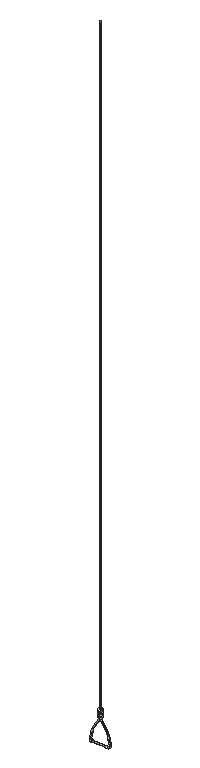
Revit family "Wire-HunterDouglas-Cell-Frame", category Specialty Equipment, Revit 2013
Parameters (values of type "Parametric")
  ecoScorecard_data = "http://products.ecoscorecard.com/hunterdouglascontract/CCF"
  ecoScorecard Product Page = "http://hunterdouglascontract.ecoscorecard.com/product/CCF?base_search=product_category_A1035"
  Wire Hanger = Metal - Aluminum Frame - HunterDouglas - Painted White
  URL = "http://www.hunterdouglascontract.com/ceilings/index.jsp"
  Subcategory = "Metal – Cell Ceilings"  # constant formula
  Product Line = "Cell Frame"  # constant formula
  Model = "Cell Frame Hanger_Wire"  # constant formula
  Manufacturer = "Hunter Douglas Luxalon Metal Ceilings"  # constant formula
  Hanger Wire Height [instance] = 3' - 0"
  Description = "Hanger_Wire"  # constant formula
  Color Finishes = "http://www.hunterdouglascontract.com/ceilings/metalsystems/cellceiling/cellframe/index.jsp?t=colorPage"
  Assembly Code = "C3030200"
  95 CSI = "09510"  # constant formula
  04 CSI = "09 51 00"  # constant formula
Reference planes (in)
  plane 1 "Center (Front/Back)": y = 0
  plane 2: z = 0
  plane 3 "Center (Left/Right)": x = 0
  plane 4: x = -0.77248
  plane 5: x = 0.77248
  plane 6: z = 2.4375
  plane 7: z = 2.5
  plane 8: z = 36
Dimensions and locks (in)
  equal spacing: plane 4, plane 3 "Center (Left/Right)", plane 5
  plane 4 to plane 5 = 0' - 1.54495"
  locked: plane 6 to plane 7 at 0.0625
  locked: plane 6 to level at 2.4375
  "Hanger Wire Height": plane 8 to level
  aligned and locked: level to plane 2
  aligned and locked: plane 1 "Center (Front/Back)" to nested 1
  aligned and locked: plane 3 "Center (Left/Right)" to nested 1
  aligned and locked: plane 6 to nested 1
Nested families (in)
  nested 1: "Wire" at (0, 0, 0), type "Parametric"
Definition of nested family "Wire"
  Parameters (values of type "Parametric")
    Wire Hanger = Metal - Aluminum Frame - HunterDouglas - Painted White
    URL = "http://www.hunterdouglascontract.com/ceilings/index.jsp"
    Subcategory = "Metal – Cell Ceilings"  # constant formula
    Product Line = "Cell Frame"  # constant formula
    Model = "Cell Frame Hanger_Wire"  # constant formula
    Manufacturer = "Hunter Douglas Luxalon Metal Ceilings"  # constant formula
    HangerWire Length = 3' - 0"
    Description = "Hanger_Wire"  # constant formula
    Assembly Code = "C3030200"
    95 CSI = "09510"  # constant formula
    04 CSI = "09 51 00"  # constant formula
  Reference planes (in)
    plane 1 "Center (Front/Back)": y = 0
    plane 2: z = 0
    plane 3 "Center (Left/Right)": x = 0
    plane 4: x = -0.77248
    plane 5: x = 0.77248
    plane 6: z = 2.4375
    plane 7: z = 2.5
    plane 8: z = 36
  Forms (in)
    Sweep 1, solid, material "Metal - Aluminum Frame - HunterDouglas - Painted White" <- "Wire Hanger", detail levels fine
      path origin (0, 0, 0) x (1, 0, 0) y (0, 0, 1)
        loop
          line (0.03125, 36) -> (0.03125, 3.70793) -> (0.38236, 3.14135)
          arc (0.38236, 3.14135) -> (0.44435, 3.01623) -> (0.48166, 2.88166) r 0.73777
          line (0.48166, 2.88166) -> (0.5376, 2.56649)
          arc (0.5376, 2.56649) -> (0.51364, 2.47677) -> (0.42949, 2.4375) r 0.1098
          line (0.42949, 2.4375) -> (-0.42976, 2.4375)
          arc (-0.42976, 2.4375) -> (-0.51374, 2.47669) -> (-0.53765, 2.56622) r 0.10957
          line (-0.53765, 2.56622) -> (-0.48246, 2.87715)
          arc (-0.48246, 2.87715) -> (-0.44395, 3.01607) -> (-0.37995, 3.14524) r 0.76163
          line (-0.37995, 3.14524) -> (-0.0384, 3.69638)
      profile origin (-0.00014, 0, 2.4375) x (0, 0, -1) y (0, -1, 0)
        loop
          circle (-0.03125, 0) r 0.03125
    Revolve 2, solid, material "Metal - Aluminum Frame - HunterDouglas - Painted White" <- "Wire Hanger", detail levels fine
      sketch origin (-1.10243, 0, 0.17393) x (0.947216, 0, -0.320596) y (0.320596, 0, 0.947216)
        loop
          line (-0.19925, 4.08974) -> (-0.26999, 4.08974)
          arc (-0.26999, 4.08974) -> (-0.30124, 4.05849) -> (-0.26999, 4.02724) r 0.03125
          line (-0.26999, 4.02724) -> (-0.19925, 4.02724) -> (-0.19925, 4.08974)
        axis (-0.19925, 4.02724) -> (-0.19925, 4.08974)
      angle from 0 to 360
    Revolve 3, solid, material "Metal - Aluminum Frame - HunterDouglas - Painted White" <- "Wire Hanger", detail levels fine
      sketch origin (-1.10243, 0, 0.1083) x (0.947216, 0, -0.320596) y (0.320596, 0, 0.947216)
        loop
          line (-0.19925, 4.08974) -> (-0.26999, 4.08974)
          arc (-0.26999, 4.08974) -> (-0.30124, 4.05849) -> (-0.26999, 4.02724) r 0.03125
          line (-0.26999, 4.02724) -> (-0.19925, 4.02724) -> (-0.19925, 4.08974)
        axis (-0.19925, 4.02724) -> (-0.19925, 4.08974)
      angle from 0 to 360
    Revolve 4, solid, material "Metal - Aluminum Frame - HunterDouglas - Painted White" <- "Wire Hanger", detail levels fine
      sketch origin (-1.10243, 0, 0.04197) x (0.947216, 0, -0.320596) y (0.320596, 0, 0.947216)
        loop
          line (-0.19925, 4.08974) -> (-0.26999, 4.08974)
          arc (-0.26999, 4.08974) -> (-0.30124, 4.05849) -> (-0.26999, 4.02724) r 0.03125
          line (-0.26999, 4.02724) -> (-0.19925, 4.02724) -> (-0.19925, 4.08974)
        axis (-0.19925, 4.02724) -> (-0.19925, 4.08974)
      angle from 0 to 360
    Revolve 5, solid, material "Metal - Aluminum Frame - HunterDouglas - Painted White" <- "Wire Hanger", detail levels fine
      sketch origin (-1.10243, 0, -0.02402) x (0.947216, 0, -0.320596) y (0.320596, 0, 0.947216)
        loop
          line (-0.19925, 4.08974) -> (-0.26999, 4.08974)
          arc (-0.26999, 4.08974) -> (-0.30124, 4.05849) -> (-0.26999, 4.02724) r 0.03125
          line (-0.26999, 4.02724) -> (-0.19925, 4.02724) -> (-0.19925, 4.08974)
        axis (-0.19925, 4.02724) -> (-0.19925, 4.08974)
      angle from 0 to 360
    Revolve 6, solid, material "Metal - Aluminum Frame - HunterDouglas - Painted White" <- "Wire Hanger", detail levels fine
      sketch origin (-1.10243, 0, -0.09) x (0.947216, 0, -0.320596) y (0.320596, 0, 0.947216)
        loop
          line (-0.19925, 4.08974) -> (-0.26999, 4.08974)
          arc (-0.26999, 4.08974) -> (-0.30124, 4.05849) -> (-0.26999, 4.02724) r 0.03125
          line (-0.26999, 4.02724) -> (-0.19925, 4.02724) -> (-0.19925, 4.08974)
        axis (-0.19925, 4.02724) -> (-0.19925, 4.08974)
      angle from 0 to 360
    Revolve 7, solid, material "Metal - Aluminum Frame - HunterDouglas - Painted White" <- "Wire Hanger", detail levels fine
      sketch origin (-1.10243, 0, -0.15751) x (0.947216, 0, -0.320596) y (0.320596, 0, 0.947216)
        loop
          line (-0.19925, 4.08974) -> (-0.26999, 4.08974)
          arc (-0.26999, 4.08974) -> (-0.30124, 4.05849) -> (-0.26999, 4.02724) r 0.03125
          line (-0.26999, 4.02724) -> (-0.19925, 4.02724) -> (-0.19925, 4.08974)
        axis (-0.19925, 4.02724) -> (-0.19925, 4.08974)
      angle from 0 to 360
  Cuts and joins
    joined: Sweep 1, Revolve 3, Revolve 5, Revolve 7
  Lines and regions (in)
    model lines, style "Wire", detail levels coarse+medium
      curve 1: line (0, 0, 36) -> (0, 0, 2.5)
    symbolic lines, style "Wire", detail levels fine
      curve 2: line (-0.50903, 0.03125, 0) -> (-0.08588, 0.03125, 0)
      curve 3: line (0.50903, -0.03126, 0) -> (0.10541, -0.03126, 0)
      curve 4: arc (0.50903, 0.03125, 0) -> (0.54029, 0, 0) -> (0.50903, -0.03126, 0) r 0.03125
      curve 5: arc (-0.50903, 0.03125, 0) -> (-0.54029, 0, 0) -> (-0.50903, -0.03126, 0) r 0.03125
      curve 6: circle (0.00977, 0, 0) r 0.10062 normal (0, 0, 1)
      curve 7: circle (0, 0, 0) r 0.03125 normal (0, 0, 1)
      curve 8: line (0.10541, 0.03125, 0) -> (0.50903, 0.03125, 0)
      curve 9: line (-0.08587, -0.03126, 0) -> (-0.50903, -0.03126, 0)
      curve 43: line (-0.03122, 0, 36) -> (0.03122, 0, 36)
      curve 44: line (0.03122, 0, 36) -> (0.03122, 0, 4.1081)
      curve 45: line (-0.04684, 0, 4.13498) -> (0.08788, 0, 4.08859)
      curve 46: line (-0.07537, 0, 4.07858) -> (0.06749, 0, 4.02939)
      curve 47: arc (0.08788, 0, 4.08859) -> (0.10729, 0, 4.0488) -> (0.06749, 0, 4.02939) r 0.03131
      curve 48: arc (-0.04684, 0, 4.13498) -> (-0.08569, 0, 4.11922) -> (-0.07537, 0, 4.07858) r 0.0319
      curve 49: arc (0.08788, 0, 4.02237) -> (0.10784, 0, 3.98437) -> (0.0711, 0, 3.96216) r 0.03131
      curve 50: arc (-0.04684, 0, 4.06876) -> (-0.08551, 0, 4.05335) -> (-0.07602, 0, 4.01282) r 0.0319
      curve 51: line (-0.07602, 0, 4.01282) -> (0.0711, 0, 3.96216)
      curve 52: arc (0.08788, 0, 3.95615) -> (0.10784, 0, 3.91815) -> (0.0711, 0, 3.89594) r 0.03131
      curve 53: arc (-0.04684, 0, 4.00254) -> (-0.08551, 0, 3.98713) -> (-0.07602, 0, 3.9466) r 0.0319
      curve 54: line (-0.07602, 0, 3.9466) -> (0.0711, 0, 3.89594)
      curve 55: arc (0.08788, 0, 3.88993) -> (0.10784, 0, 3.85193) -> (0.0711, 0, 3.82972) r 0.03131
      curve 56: arc (-0.04684, 0, 3.93632) -> (-0.08551, 0, 3.92091) -> (-0.07602, 0, 3.88038) r 0.0319
      curve 57: line (-0.07602, 0, 3.88038) -> (0.0711, 0, 3.82972)
      curve 58: arc (0.08788, 0, 3.82371) -> (0.10784, 0, 3.78571) -> (0.0711, 0, 3.7635) r 0.03131
      curve 59: arc (-0.04684, 0, 3.8701) -> (-0.08551, 0, 3.85469) -> (-0.07602, 0, 3.81416) r 0.0319
      curve 60: line (-0.07602, 0, 3.81416) -> (0.0711, 0, 3.7635)
      curve 61: arc (0.08788, 0, 3.75749) -> (0.10784, 0, 3.71949) -> (0.0711, 0, 3.69728) r 0.03131
      curve 62: arc (-0.04684, 0, 3.80388) -> (-0.08551, 0, 3.78847) -> (-0.07602, 0, 3.74794) r 0.0319
      curve 63: line (-0.07602, 0, 3.74794) -> (0.0711, 0, 3.69728)
      curve 64: line (-0.0384, 0, 3.69638) -> (-0.37724, 0, 3.14961)
      curve 65: line (-0.53854, 0, 2.57083) -> (-0.47845, 0, 2.89346)
      curve 66: arc (-0.47845, 0, 2.89346) -> (-0.43931, 0, 3.02606) -> (-0.37724, 0, 3.14961) r 0.77561
      curve 67: arc (-0.53854, 0, 2.57083) -> (-0.5193, 0, 2.48393) -> (-0.44337, 0, 2.4375) r 0.11373
      curve 68: line (0.08629, 0, 3.61911) -> (-0.0384, 0, 3.69638)
      curve 69: spline (-0.02925, 0, 3.69071) -> (-0.02601, 0, 3.69164) -> (-0.02149, 0, 3.69294) -> (-0.01593, 0, 3.69453) -> (-0.00958, 0, 3.69634) -> (-0.00276, 0, 3.69828) -> (0.00419, 0, 3.70026) -> (0.01093, 0, 3.70218) -> (0.01714, 0, 3.70394) -> (0.02251, 0, 3.70547) -> (0.02678, 0, 3.70667) -> (0.02974, 0, 3.70751) -> (0.03125, 0, 3.70793)
      curve 70: line (0, 0, 3.6397) -> (-0.32412, 0, 3.11669)
      curve 71: arc (-0.41709, 0, 2.88159) -> (-0.3811, 0, 3.00329) -> (-0.32412, 0, 3.11669) r 0.71311
      curve 72: line (-0.4771, 0, 2.55939) -> (-0.41709, 0, 2.88159)
      curve 73: arc (-0.4771, 0, 2.55939) -> (-0.46843, 0, 2.52024) -> (-0.43423, 0, 2.49933) r 0.05123
      curve 74: line (0.03122, 0, 36) -> (-0.03122, 0, 36)
      curve 75: line (-0.03122, 0, 36) -> (-0.03122, 0, 4.1296)
      curve 76: line (0.02882, 0, 3.71184) -> (0.37724, 0, 3.14961)
      curve 77: line (0.53854, 0, 2.57083) -> (0.47845, 0, 2.89346)
      curve 78: arc (0.47845, 0, 2.89346) -> (0.43931, 0, 3.02606) -> (0.37724, 0, 3.14961) r 0.77561
      curve 79: arc (0.53854, 0, 2.57083) -> (0.5193, 0, 2.48393) -> (0.44337, 0, 2.4375) r 0.11373
      curve 80: arc (0.4771, 0, 2.55939) -> (0.46843, 0, 2.52024) -> (0.43423, 0, 2.49933) r 0.05123
      curve 81: line (0.4771, 0, 2.55939) -> (0.41709, 0, 2.88159)
      curve 82: arc (0.41709, 0, 2.88159) -> (0.3811, 0, 3.00329) -> (0.32412, 0, 3.11669) r 0.71311
      curve 83: line (0, 0, 3.6397) -> (0.32412, 0, 3.11669)
      curve 84: line (-0.43423, 0, 2.49933) -> (0.43423, 0, 2.49933)
      curve 85: line (0.44337, 0, 2.4375) -> (-0.44337, 0, 2.4375)
      curve 86: line (-0.03122, 0, 3.73252) -> (-0.03122, 0, 3.69194)
    symbolic lines, style "Wire"
      curve 10: line (0, 0.03125, 36) -> (0, -0.03125, 36)
      curve 11: line (0, 0.03125, 2.46831) -> (0, 0.03125, 3.69854)
      curve 12: line (0, -0.03125, 36) -> (0, -0.03125, 4.05165)
      curve 13: arc (0, -0.08474, 4.0503) -> (0, -0.10167, 4.01557) -> (0, -0.08145, 3.98266) r 0.04011
      curve 14: arc (0, -0.08145, 3.98266) -> (0, -0.04212, 3.96692) -> (0, 0, 3.96236) r 0.15569
      curve 15: arc (0, 0.08474, 4.0503) -> (0, 0.10167, 4.01557) -> (0, 0.08145, 3.98266) r 0.04011
      curve 16: arc (0, 0.08145, 3.98266) -> (0, 0.04212, 3.96692) -> (0, 0, 3.96236) r 0.15569
      curve 17: arc (0, 0.03125, 4.05165) -> (0, 0, 4.04216) -> (0, -0.03125, 4.05165) r 0.05621
      curve 18: arc (0, -0.08169, 3.9828) -> (0, -0.10172, 3.94794) -> (0, -0.08145, 3.91321) r 0.04011
      curve 19: arc (0, -0.08145, 3.91321) -> (0, -0.04212, 3.89747) -> (0, 0, 3.89291) r 0.15569
      curve 20: arc (0, 0.08169, 3.9828) -> (0, 0.10172, 3.94794) -> (0, 0.08145, 3.91321) r 0.04011
      curve 21: arc (0, 0.08145, 3.91321) -> (0, 0.04212, 3.89747) -> (0, 0, 3.89291) r 0.15569
      curve 22: arc (0, -0.08474, 3.91531) -> (0, -0.10167, 3.88058) -> (0, -0.08145, 3.84767) r 0.04011
      curve 23: arc (0, -0.08145, 3.84767) -> (0, -0.04212, 3.83193) -> (0, 0, 3.82736) r 0.15569
      curve 24: arc (0, 0.08474, 3.91531) -> (0, 0.10167, 3.88058) -> (0, 0.08145, 3.84767) r 0.04011
      curve 25: arc (0, 0.08145, 3.84767) -> (0, 0.04212, 3.83193) -> (0, 0, 3.82736) r 0.15569
      curve 26: arc (0, -0.08474, 3.84977) -> (0, -0.10167, 3.81504) -> (0, -0.08145, 3.78213) r 0.04011
      curve 27: arc (0, -0.08145, 3.78213) -> (0, -0.04212, 3.76638) -> (0, 0, 3.76182) r 0.15569
      curve 28: arc (0, 0.08474, 3.84977) -> (0, 0.10167, 3.81504) -> (0, 0.08145, 3.78213) r 0.04011
      curve 29: arc (0, 0.08145, 3.78213) -> (0, 0.04212, 3.76638) -> (0, 0, 3.76182) r 0.15569
      curve 30: arc (0, -0.08474, 3.78422) -> (0, -0.10167, 3.7495) -> (0, -0.08145, 3.71659) r 0.04011
      curve 31: arc (0, -0.08145, 3.71659) -> (0, -0.04212, 3.70084) -> (0, 0, 3.69628) r 0.15569
      curve 32: arc (0, 0.08474, 3.78422) -> (0, 0.10167, 3.7495) -> (0, 0.08145, 3.71659) r 0.04011
      curve 33: arc (0, 0.08145, 3.71659) -> (0, 0.04212, 3.70084) -> (0, 0, 3.69628) r 0.15569
      curve 34: line (0, 0.03125, 4.05165) -> (0, 0.03125, 36)
      curve 35: line (0, -0.03125, 3.69854) -> (0, -0.03125, 2.46831)
      curve 36: arc (0, -0.03125, 2.46831) -> (0, 0, 2.43706) -> (0, 0.03125, 2.46831) r 0.03125
      curve 37: arc (0, -0.08474, 4.11584) -> (0, -0.10167, 4.08112) -> (0, -0.08145, 4.0482) r 0.04011
      curve 38: arc (0, -0.08145, 4.0482) -> (0, -0.04212, 4.03246) -> (0, 0, 4.0279) r 0.15569
      curve 39: arc (0, 0.08474, 4.11584) -> (0, 0.10167, 4.08112) -> (0, 0.08145, 4.0482) r 0.04011
      curve 40: arc (0, 0.08145, 4.0482) -> (0, 0.04212, 4.03246) -> (0, 0, 4.0279) r 0.15569
      curve 41: arc (0, -0.08474, 4.11584) -> (0, -0.05931, 4.12919) -> (0, -0.03125, 4.13531) r 0.10721
      curve 42: arc (0, 0.08474, 4.11584) -> (0, 0.05931, 4.12919) -> (0, 0.03125, 4.13531) r 0.10721
  Dimensions and locks (in)
    equal spacing: plane 4, plane 3 "Center (Left/Right)", plane 5
    plane 4 to plane 5 = 0' - 1.54495"
    locked: plane 6 to plane 7 at 0.0625
    locked: plane 6 to level at 2.4375
    "HangerWire Length": plane 8 to level
    aligned and locked: level to plane 2
    aligned and locked: Sweep 1 sketch curve to plane 6
    aligned and locked: plane 8 to Sweep 1 sketch curve
    aligned and locked: curve 1 to plane 3 "Center (Left/Right)"
    aligned and locked: plane 7 to curve 1
    aligned and locked: plane 8 to curve 1
    aligned and locked: curve 7 to cut or joined group of Sweep 1, Revolve 3, Revolve 5, Revolve 7
    aligned and locked: curve 68 to cut or joined group of Sweep 1, Revolve 3, Revolve 5, Revolve 7
  Automatic sketch dimensions
    Sweep 1 sketch curve to plane 1 "Center (Front/Back)" = 0' - 0"
    profile plane to Sweep 1 sketch curve = 0' - 0 1/32"
    Revolve 2 sketch curve to plane 3 "Center (Left/Right)" = 0' - 0.06706"
    Revolve 2 sketch curve to Revolve 2 sketch curve = 0' - 0.07074"
    Revolve 2 sketch curve to Revolve 2 sketch curve = 0' - 0"  (x2)
    Revolve 2 sketch curve to Revolve 2 sketch curve = 0' - 0 1/32"
    Revolve 2 sketch curve to Revolve 2 sketch curve = 0' - 0.02781"
    Revolve 3 sketch curve to plane 3 "Center (Left/Right)" = 0' - 0.06706"
    Revolve 3 sketch curve to Revolve 3 sketch curve = 0' - 0.07074"
    Revolve 3 sketch curve to Revolve 3 sketch curve = 0' - 0"  (x2)
    Revolve 3 sketch curve to Revolve 3 sketch curve = 0' - 0 1/32"
    Revolve 3 sketch curve to Revolve 3 sketch curve = 0' - 0.02781"
    Revolve 4 sketch curve to plane 3 "Center (Left/Right)" = 0' - 0.06706"
    Revolve 4 sketch curve to Revolve 4 sketch curve = 0' - 0.07074"
    Revolve 4 sketch curve to Revolve 4 sketch curve = 0' - 0"  (x2)
    Revolve 4 sketch curve to Revolve 4 sketch curve = 0' - 0 1/32"
    Revolve 4 sketch curve to Revolve 4 sketch curve = 0' - 0.02781"
    Revolve 5 sketch curve to plane 3 "Center (Left/Right)" = 0' - 0.06706"
    Revolve 5 sketch curve to Revolve 5 sketch curve = 0' - 0.07074"
    Revolve 5 sketch curve to Revolve 5 sketch curve = 0' - 0"  (x2)
    Revolve 5 sketch curve to Revolve 5 sketch curve = 0' - 0 1/32"
    Revolve 5 sketch curve to Revolve 5 sketch curve = 0' - 0.02781"
    Revolve 6 sketch curve to plane 3 "Center (Left/Right)" = 0' - 0.06706"
    Revolve 6 sketch curve to Revolve 6 sketch curve = 0' - 0.07074"
    Revolve 6 sketch curve to Revolve 6 sketch curve = 0' - 0"  (x2)
    Revolve 6 sketch curve to Revolve 6 sketch curve = 0' - 0 1/32"
    Revolve 6 sketch curve to Revolve 6 sketch curve = 0' - 0.02781"
    Revolve 7 sketch curve to plane 3 "Center (Left/Right)" = 0' - 0.06706"
    Revolve 7 sketch curve to Revolve 7 sketch curve = 0' - 0.07074"
    Revolve 7 sketch curve to Revolve 7 sketch curve = 0' - 0"  (x2)
    Revolve 7 sketch curve to Revolve 7 sketch curve = 0' - 0 1/32"
    Revolve 7 sketch curve to Revolve 7 sketch curve = 0' - 0.02781"
    plane 7 to Sweep 1 sketch curve = 0' - 0.06622"
    Sweep 1 sketch curve to plane 4 = 0' - 0.23483"
    Sweep 1 sketch curve to plane 4 = 0' - 0.29002"
    Sweep 1 sketch curve to Sweep 1 sketch curve = 0' - 0.10788"
    Sweep 1 sketch curve to Sweep 1 sketch curve = 0' - 0.10251"
    Sweep 1 sketch curve to plane 3 "Center (Left/Right)" = 0' - 0.24476"
    Sweep 1 sketch curve to plane 3 "Center (Left/Right)" = 0' - 0.0384"
    plane 3 "Center (Left/Right)" to Sweep 1 sketch curve = 0' - 0 1/32"
    plane 3 "Center (Left/Right)" to Sweep 1 sketch curve = 0' - 0.26745"
    plane 3 "Center (Left/Right)" to Sweep 1 sketch curve = 0' - 0.38236"
    Sweep 1 sketch curve to plane 5 = 0' - 0.34298"
    Sweep 1 sketch curve to Sweep 1 sketch curve = 0' - 0.21421"
    plane 7 to Sweep 1 sketch curve = 0' - 0.06649"
    Sweep 1 sketch curve to Sweep 1 sketch curve = 0' - 0.10811"
    plane 7 to Sweep 1 sketch curve = 0' - 0.24405"
    plane 7 to Sweep 1 sketch curve = 0' - 0.25273"
    Sweep 1 sketch curve to Sweep 1 sketch curve = 0' - 0.12442"
    Sweep 1 sketch curve to Sweep 1 sketch curve = 0' - 0.13761"
    Sweep 1 sketch curve to Sweep 1 sketch curve = 0' - 0.55114"
    Sweep 1 sketch curve to Sweep 1 sketch curve = 0' - 0.01154"
    plane 7 to Revolve 2 sketch curve = 0' - 1.57516"
    plane 7 to Revolve 3 sketch curve = 0' - 1.50953"
    plane 7 to Revolve 4 sketch curve = 0' - 1.44319"
    plane 7 to Revolve 5 sketch curve = 0' - 1.37721"
    plane 7 to Revolve 6 sketch curve = 0' - 1.31123"
    plane 7 to Revolve 7 sketch curve = 0' - 1.24371"
    plane 1 "Center (Front/Back)" to curve 6 = 0' - 0"
    curve 2 to plane 1 "Center (Front/Back)" = 0' - 0 1/32"
    curve 2 to plane 4 = 0' - 0.26344"
    plane 3 "Center (Left/Right)" to curve 6 = 0' - 0.00977"
    plane 1 "Center (Front/Back)" to curve 3 = 0' - 0 1/32"
    curve 3 to plane 5 = 0' - 0.26344"
    plane 3 "Center (Left/Right)" to curve 8 = 0' - 0.10541"
    plane 1 "Center (Front/Back)" to curve 4 = 0' - 0"
    plane 1 "Center (Front/Back)" to curve 5 = 0' - 0 1/32"
    curve 12 to plane 8 = 0' - 0"
    curve 17 to plane 1 "Center (Front/Back)" = 0' - 0"
    curve 25 to plane 1 "Center (Front/Back)" = 0' - 0"
    curve 21 to plane 1 "Center (Front/Back)" = 0' - 0"
    curve 33 to plane 1 "Center (Front/Back)" = 0' - 0"
    curve 38 to plane 1 "Center (Front/Back)" = 0' - 0"
    curve 36 to plane 1 "Center (Front/Back)" = 0' - 0"
    curve 14 to plane 1 "Center (Front/Back)" = 0' - 0"
    curve 27 to plane 1 "Center (Front/Back)" = 0' - 0"
    plane 1 "Center (Front/Back)" to curve 19 = 0' - 0.00445"
    plane 1 "Center (Front/Back)" to curve 23 = 0' - 0.00445"
    plane 1 "Center (Front/Back)" to curve 14 = 0' - 0.00445"
    plane 1 "Center (Front/Back)" to curve 27 = 0' - 0.00445"
    plane 1 "Center (Front/Back)" to curve 38 = 0' - 0.00445"
    plane 1 "Center (Front/Back)" to curve 31 = 0' - 0.00445"
    plane 1 "Center (Front/Back)" to curve 41 = 0' - 0.02264"
    plane 1 "Center (Front/Back)" to curve 10 = 0' - 0 1/32"
    curve 36 to curve 36 = 0' - 0 1/32"
    curve 30 to curve 35 = 0' - 0.03036"
    plane 1 "Center (Front/Back)" to curve 26 = 0' - 0.06161"
    curve 13 to curve 41 = 0' - 0.03896"
    plane 1 "Center (Front/Back)" to curve 22 = 0' - 0.06161"
    curve 27 to curve 30 = 0' - 0.01984"
    curve 18 to curve 22 = 0' - 0.01984"
    curve 30 to curve 30 = 0' - 0.01984"
    curve 26 to curve 27 = 0' - 0"
    curve 38 to curve 13 = 0' - 0.01984"
    curve 37 to curve 38 = 0' - 0"
    curve 19 to curve 18 = 0' - 0"
    curve 31 to curve 30 = 0' - 0"
    curve 22 to curve 26 = 0' - 0.01984"
    curve 13 to curve 18 = 0' - 0.01984"
    curve 14 to curve 13 = 0' - 0"
    curve 23 to curve 22 = 0' - 0"
    curve 18 to curve 13 = 0' - 0.00025"
    curve 30 to curve 26 = 0' - 0.0033"
    curve 13 to curve 38 = 0' - 0.0033"
    curve 22 to curve 19 = 0' - 0.0033"
    curve 41 to curve 37 = 0' - 0.02313"
    curve 26 to curve 22 = 0' - 0.0033"
    curve 25 to plane 1 "Center (Front/Back)" = 0' - 0.00445"
    curve 29 to plane 1 "Center (Front/Back)" = 0' - 0.00445"
    curve 40 to plane 1 "Center (Front/Back)" = 0' - 0.00445"
    curve 16 to plane 1 "Center (Front/Back)" = 0' - 0.00445"
    curve 33 to plane 1 "Center (Front/Back)" = 0' - 0.00445"
    curve 21 to plane 1 "Center (Front/Back)" = 0' - 0.00445"
    curve 42 to plane 1 "Center (Front/Back)" = 0' - 0.02264"
    curve 10 to plane 1 "Center (Front/Back)" = 0' - 0 1/32"
    curve 24 to plane 1 "Center (Front/Back)" = 0' - 0.06161"
    curve 42 to curve 15 = 0' - 0.03896"
    curve 11 to curve 32 = 0' - 0.03036"
    curve 28 to plane 1 "Center (Front/Back)" = 0' - 0.06161"
    curve 20 to curve 16 = 0' - 0.01984"
    curve 32 to curve 28 = 0' - 0.01984"
    curve 28 to curve 25 = 0' - 0.01984"
    curve 24 to curve 25 = 0' - 0"
    curve 29 to curve 28 = 0' - 0"
    curve 32 to curve 32 = 0' - 0.01984"
    curve 24 to curve 21 = 0' - 0.01984"
    curve 20 to curve 21 = 0' - 0"
    curve 15 to curve 16 = 0' - 0"
    curve 15 to curve 40 = 0' - 0.01984"
    curve 39 to curve 40 = 0' - 0"
    curve 33 to curve 32 = 0' - 0"
    curve 16 to curve 20 = 0' - 0.00025"
    curve 39 to curve 39 = 0' - 0.02313"
    curve 28 to curve 32 = 0' - 0.0033"
    curve 25 to curve 28 = 0' - 0.0033"
    curve 20 to curve 24 = 0' - 0.0033"
    plane 7 to curve 40 = 0' - 1.68352"
    curve 38 to curve 40 = 0' - 0"
    curve 42 to curve 40 = 0' - 0.04821"
    curve 41 to curve 38 = 0' - 0.04821"
    curve 41 to curve 41 = 0' - 0.01947"
    curve 14 to curve 41 = 0' - 0.01733"
    curve 14 to curve 16 = 0' - 0"
    curve 17 to curve 14 = 0' - 0.01961"
    curve 38 to curve 21 = 0' - 0.02063"
    curve 19 to curve 21 = 0' - 0"
    curve 16 to curve 25 = 0' - 0.02063"
    curve 23 to curve 25 = 0' - 0"
    curve 16 to curve 20 = 0' - 0.00014"
    curve 19 to curve 29 = 0' - 0.02454"
    curve 27 to curve 29 = 0' - 0"
    curve 20 to curve 24 = 0' - 0.00209"
    curve 25 to curve 33 = 0' - 0.02454"
    curve 31 to curve 33 = 0' - 0"
    curve 22 to curve 26 = 0' - 0.00209"
    curve 28 to curve 32 = 0' - 0.00209"
    curve 36 to plane 6 = 0' - 0.03081"
    curve 37 to curve 41 = 0' - 0.05349"
    curve 18 to curve 13 = 0' - 0.02008"
    curve 39 to curve 39 = 0' - 0.01984"
    curve 20 to curve 24 = 0' - 0.02313"
    curve 39 to curve 15 = 0' - 0.0033"
    curve 31 to curve 38 = 0' - 0.33162"
    curve 41 to curve 12 = 0' - 0.0232"
    curve 66 to curve 71 = 0' - 0"  (x2)
    curve 67 to curve 73 = 0' - 0"  (x2)
    curve 78 to curve 82 = 0' - 0"  (x2)
    curve 79 to curve 80 = 0' - 0"  (x2)
    curve 67 to plane 6 = 0' - 0"
    curve 74 to plane 8 = 0' - 0"
    curve 83 to plane 3 "Center (Left/Right)" = 0' - 0"
    curve 69 to plane 3 "Center (Left/Right)" = 0' - 0.02925"
    curve 86 to curve 69 = 0' - 0.00197"
    curve 75 to plane 3 "Center (Left/Right)" = 0' - 0.03122"
    curve 69 to curve 86 = 0' - 0.00021"
    curve 64 to curve 86 = 0' - 0.00718"
    curve 62 to plane 3 "Center (Left/Right)" = 0' - 0.04684"
    curve 48 to curve 75 = 0' - 0 1/64"
    curve 59 to plane 3 "Center (Left/Right)" = 0' - 0.04684"
    curve 53 to plane 3 "Center (Left/Right)" = 0' - 0.04684"
    curve 56 to plane 3 "Center (Left/Right)" = 0' - 0.04684"
    curve 50 to plane 3 "Center (Left/Right)" = 0' - 0.04684"
    curve 59 to curve 59 = 0' - 0.01039"
    curve 50 to curve 50 = 0' - 0.01039"
    curve 48 to curve 48 = 0' - 0.01039"
    curve 62 to curve 62 = 0' - 0.01039"
    curve 56 to curve 56 = 0' - 0.01039"
    curve 53 to curve 53 = 0' - 0.01039"
    curve 46 to curve 50 = 0' - 0.02853"
    curve 59 to curve 62 = 0' - 0.02918"
    curve 54 to curve 56 = 0' - 0.02918"
    curve 63 to curve 62 = 0' - 0.01879"
    curve 56 to curve 59 = 0' - 0.02918"
    curve 50 to curve 53 = 0' - 0.02918"
    curve 70 to plane 3 "Center (Left/Right)" = 0' - 0.32412"
    curve 64 to curve 71 = 0' - 0.05313"
    curve 71 to curve 78 = 0' - 0.13505"
    plane 7 to curve 73 = 0' - 0.05001"
    curve 73 to curve 78 = 0' - 0.14469"
    curve 73 to plane 7 = 0' - 0.00067"
    curve 73 to curve 67 = 0' - 0.0075"
    curve 85 to curve 84 = 0' - 0.00915"
    curve 73 to curve 67 = 0' - 0.05037"
    curve 65 to curve 71 = 0' - 0.06136"
    plane 7 to curve 65 = 0' - 0.07083"
    plane 3 "Center (Left/Right)" to curve 69 = 0' - 0"
    plane 3 "Center (Left/Right)" to curve 76 = 0' - 0.02882"
    plane 3 "Center (Left/Right)" to curve 43 = 0' - 0.03122"
    curve 76 to curve 69 = 0' - 0.00243"
    plane 3 "Center (Left/Right)" to curve 47 = 0' - 0.06749"
    curve 69 to curve 63 = 0' - 0.03985"
    curve 58 to curve 63 = 0' - 0"
    curve 47 to curve 49 = 0' - 0.00361"
    curve 55 to curve 60 = 0' - 0"
    curve 51 to curve 54 = 0' - 0"
    curve 63 to curve 61 = 0' - 0.00658"
    curve 57 to curve 55 = 0' - 0.00658"
    curve 46 to curve 47 = 0' - 0.01019"
    curve 49 to curve 49 = 0' - 0.00658"
    curve 60 to curve 58 = 0' - 0.00658"
    curve 54 to curve 52 = 0' - 0.00658"
    curve 61 to curve 68 = 0' - 0.01519"
    curve 47 to curve 49 = 0' - 0.02038"
    curve 58 to curve 61 = 0' - 0.01678"
    curve 51 to curve 52 = 0' - 0.01678"
    curve 55 to curve 58 = 0' - 0.01678"
    curve 47 to curve 47 = 0' - 0.01019"
    curve 52 to curve 55 = 0' - 0.01678"
    plane 3 "Center (Left/Right)" to curve 71 = 0' - 0.28204"
    plane 3 "Center (Left/Right)" to curve 83 = 0' - 0.32412"
    curve 83 to curve 76 = 0' - 0.05313"
    curve 66 to curve 81 = 0' - 0.13505"
    plane 7 to curve 80 = 0' - 0.05001"
    curve 66 to curve 80 = 0' - 0.14469"
    curve 79 to curve 80 = 0' - 0.0075"
    curve 84 to curve 79 = 0' - 0.00915"
    curve 79 to curve 80 = 0' - 0.05037"
    curve 81 to curve 78 = 0' - 0.06136"
    curve 80 to curve 79 = 0' - 0.06144"
    curve 79 to curve 71 = 0' - 0.19104"
    curve 67 to curve 82 = 0' - 0.19104"
    curve 66 to curve 81 = 0' - 0.14054"
    curve 71 to curve 65 = 0' - 0.01187"
    curve 81 to curve 78 = 0' - 0.01187"
    curve 83 to curve 69 = 0' - 0.05101"
    curve 69 to curve 86 = 0' - 0.00186"
    curve 63 to curve 69 = 0' - 0.01064"
    curve 63 to curve 61 = 0' - 0.03061"
    curve 64 to curve 86 = 0' - 0.03613"
    curve 61 to curve 58 = 0' - 0.00601"
    curve 62 to curve 62 = 0' - 0.02577"
    curve 60 to curve 58 = 0' - 0.03061"
    curve 62 to curve 60 = 0' - 0.01028"
    curve 58 to curve 57 = 0' - 0.00601"
    curve 60 to curve 59 = 0' - 0.02577"
    curve 57 to curve 55 = 0' - 0.03061"
    curve 59 to curve 57 = 0' - 0.01028"
    curve 55 to curve 54 = 0' - 0.00601"
    curve 56 to curve 56 = 0' - 0.02577"
    curve 54 to curve 52 = 0' - 0.03061"
    curve 56 to curve 53 = 0' - 0.01028"
    curve 52 to curve 49 = 0' - 0.00601"
    curve 53 to curve 53 = 0' - 0.02577"
    curve 49 to curve 49 = 0' - 0.03061"
    curve 53 to curve 51 = 0' - 0.01028"
    curve 49 to curve 47 = 0' - 0.00702"
    curve 51 to curve 50 = 0' - 0.02577"
    curve 46 to curve 47 = 0' - 0.0296"
    curve 46 to curve 48 = 0' - 0.02623"
    radius of Sweep 1 sketch curve = 0' - 0 1/32"
